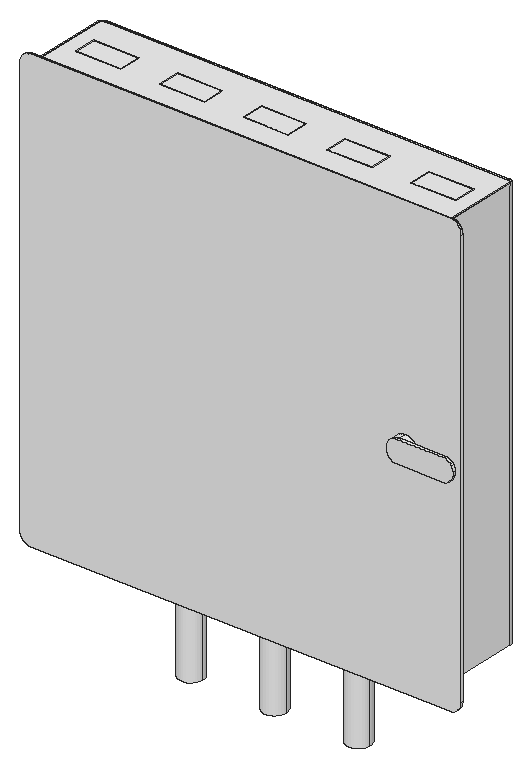
Revit family "Valve_Zip_Horne_TMV_Box_PipesOneEnd", category Specialty Equipment, Revit 2018
Family settings
  Round Connector Dimension = Use Diameter
  Part Type = Normal
  OmniClass Number = 23.65.55.14.24
  OmniClass Title = Mixing Valves for Liquid Services
  Work Plane-Based = No
  Always vertical = Yes
  Cut with Voids When Loaded = Yes
  Shared = No
  Room Calculation Point = No
Parameters (values of type "Hinged Door (42457)")
  Uniclass2015Version = ""
  Uniclass2015Title = ""
  Uniclass2015Code = ""
  URL = "https://www.zipwater.com/"
  Type Comments = "Hinged Door"
  RemoveableDoor = not(HingedDoor)  # no
  ModifiedIssue = 20210225
  Model = "Horne TMV  H1502 Brass in box Configuration - Hinged Door"
  Material = Metal_BrushedChrome_Zip
  MasterFormatTitle = ""
  MasterFormatNumber = ""
  ManufacturerURLProductSpecific = "https://www.zipwater.com/shop/washroom/box-and-key-locks-recessed-Hingedd-stainless-steel-cover-pipes"
  ManufacturerSpecCode = "42457"
  ManufacturerOverallWidth = 370 mm  # constant formula
  ManufacturerOverallHeight = 370 mm  # constant formula
  ManufacturerOverallDepth = 74 mm  # constant formula
  ManufacturerHeightFromFFL [instance] = 900 mm
  Manufacturer = "Zip Australia"
  IfcExportType = ""
  IfcExportAs = ""
  HingedDoor = yes
  Description = "Horne TMV Model H1502: Recessed pre-plumbed box configuration with lockable Hinged stainless steel door - pipes at one end"
  CreatedBy = "IGS BIM Solutions"  # constant formula
  CreatedByURL = "https://igsgroup.com.au"
Reference planes
  plane 1 "Back": y = 302
  plane 2 "Ref. Level": z = 0
  plane 3 "Center (Left/Right)": x = 0
  plane 4 "Right": x = 185
  plane 5 "Top": z = 1270
  plane 6 "Left": x = -185
  plane 7 "Bottom": z = 900
  plane 8 "Front": y = 228
  plane 9 "Center (Front/Back)": y = 265
  plane 10 "Center (Elevation)": z = 1085
  plane 11 "Left Offset": x = -75
  plane 12 "Right Offset": x = 75
Forms (mm)
  Extrusion 1, solid, material "Metal_BrushedChrome_Zip" <- "Material", detail levels fine
    sketch origin (0, 0, 1085) x (-1, 0, 0) y (0, 1, 0)
      loop
        line (-89.496, 250.504) -> (-69.694, 245.199) -> (-55.199, 259.694) -> (-60.504, 279.496) -> (-80.306, 284.801) -> (-94.801, 270.306) -> (-89.496, 250.504)
    from 64.5 to 80
  Extrusion 2, solid, material "Metal_BrushedChrome_Zip" <- "Material", detail levels fine
    sketch origin (0, 0, 1085) x (-1, 0, 0) y (0, 1, 0)
      loop
        line (-84.546, 255.454) -> (-71.506, 251.96) -> (-61.96, 261.506) -> (-65.454, 274.546) -> (-78.494, 278.04) -> (-88.04, 268.494) -> (-84.546, 255.454)
    from 52.3 to 63.3
  Extrusion 3, solid, material "Metal_BrushedChrome_Zip" <- "Material", detail levels fine
    sketch origin (0, 0, 1085) x (1, 0, 0) y (0, 1, 0)
      loop
        line (-89.496, 250.504) -> (-69.694, 245.199) -> (-55.199, 259.694) -> (-60.504, 279.496) -> (-80.306, 284.801) -> (-94.801, 270.306) -> (-89.496, 250.504)
    from 64.5 to 80
  Extrusion 4, solid, material "Metal_BrushedChrome_Zip" <- "Material", detail levels fine
    sketch origin (0, 0, 1085) x (1, 0, 0) y (0, 1, 0)
      loop
        line (-84.546, 255.454) -> (-71.506, 251.96) -> (-61.96, 261.506) -> (-65.454, 274.546) -> (-78.494, 278.04) -> (-88.04, 268.494) -> (-84.546, 255.454)
    from 52.3 to 63.3
  Extrusion 5, solid, material "Metal_BrushedChrome_Zip" <- "Material", detail levels fine
    sketch origin (75, 0, 1085) x (1, 0, 0) y (0, 1, 0)
      loop
        line (-89.496, 250.504) -> (-69.694, 245.199) -> (-55.199, 259.694) -> (-60.504, 279.496) -> (-80.306, 284.801) -> (-94.801, 270.306) -> (-89.496, 250.504)
    from 46.993 to 62.496
  Extrusion 6, solid, material "Metal_BrushedChrome_Zip" <- "Material", detail levels fine
    sketch origin (75, 0, 1085) x (1, 0, 0) y (0, 1, 0)
      loop
        line (-84.546, 255.454) -> (-71.506, 251.96) -> (-61.96, 261.506) -> (-65.454, 274.546) -> (-78.494, 278.04) -> (-88.04, 268.494) -> (-84.546, 255.454)
    from 41 to 46.993
  Extrusion 7, solid, material "Metal_BrushedChrome_Zip" <- "Material", detail levels fine
    sketch origin (75, 0, 1085) x (1, 0, 0) y (0, 1, 0)
      loop
        line (-62.272, 252.272) -> (-57.613, 269.659) -> (-70.341, 282.387) -> (-87.728, 277.728) -> (-92.387, 260.341) -> (-79.659, 247.613) -> (-62.272, 252.272)
    from 65.72 to 72.02
  Revolve 8, solid, material "Metal_BrushedChrome_Zip" <- "Material"
    sketch origin (0, 265, 0) x (0, 0, -1) y (-1, 0, 0)
      loop
        line (-1022.504, 0) -> (-1022.504, -14.566) -> (-1021.48, -13.542) -> (-1021.48, -12.2) -> (-1003.98, -12.2) -> (-1003.98, -10.5) -> (-798.5, -10.5) -> (-798.5, 0) -> (-1022.504, 0)
      axis (-798.5, 0) -> (-1022.504, 0)
    angle from 0 to 360
  Revolve 9, solid, material "Metal_BrushedChrome_Zip" <- "Material"
    sketch origin (0, 265, 0) x (0, 0, -1) y (-1, 0, 0)
      loop
        line (-798.5, -75) -> (-1005, -75) -> (-1005, -87.25) -> (-994, -87.25) -> (-994, -85.5) -> (-798.5, -85.5) -> (-798.5, -75)
      axis (-798.5, -75) -> (-1005, -75)
    angle from 0 to 360
  Revolve 10, solid, material "Metal_BrushedChrome_Zip" <- "Material"
    sketch origin (0, 265, 0) x (0, 0, -1) y (-1, 0, 0)
      loop
        line (-798.5, 75) -> (-1005, 75) -> (-1005, 62.75) -> (-994, 62.75) -> (-994, 64.5) -> (-798.5, 64.5) -> (-798.5, 75)
      axis (-798.5, 75) -> (-1005, 75)
    angle from 0 to 360
  Revolve 11, solid, material "Metal_BrushedChrome_Zip" <- "Material", detail levels fine
    sketch origin (0, 265, 0) x (0, 0, -1) y (-1, 0, 0)
      loop
        line (-980, 0) -> (-980, 53.5) -> (-986.003, 53.5) -> (-986.003, 44.5) -> (-989.003, 44.5) -> (-989.003, 14.5) -> (-986.503, 14.5) -> (-986.503, 11) -> (-988.003, 11) -> (-988.003, 10) -> (-986.503, 10) -> (-986.503, 0) -> (-980, 0)
      loop
        line (-982, 54.963) -> (-980, 54.963) -> (-980, 56.963) -> (-981.02, 56.963) -> (-982, 55.983) -> (-982, 54.963)
      axis (-980, 56.963) -> (-980, 0)
    angle from 0 to 360
  Extrusion 12, solid, material "Metal_BrushedChrome_Zip" <- "Material", detail levels fine
    sketch origin (0, 0, 1085) x (-1, 0, 0) y (0, -1, 0)
      loop
        line (54.963, -276.503) -> (54.963, -251.497)
        arc (54.963, -251.497) -> (54.231, -249.73) -> (52.463, -248.997) r 2.5
        line (52.463, -248.997) -> (47, -248.997)
        arc (47, -248.997) -> (45.232, -249.73) -> (44.5, -251.497) r 2.5
        line (44.5, -251.497) -> (44.5, -260.497) -> (46, -260.497) -> (46, -251.497)
        arc (46, -251.497) -> (46.293, -250.79) -> (47, -250.497) r 1
        line (47, -250.497) -> (52.5, -250.497)
        arc (52.5, -250.497) -> (53.207, -250.79) -> (53.5, -251.497) r 1
        line (53.5, -251.497) -> (53.5, -276.503)
        arc (53.5, -276.503) -> (54.232, -277.235) -> (54.963, -276.503) r 0.732
    from -107.5 to -102.5
  Extrusion 13, solid, material "Metal_BrushedChrome_Zip" <- "Material", detail levels fine
    sketch origin (0, 265, 0) x (0, 0, -1) y (-1, 0, 0)
      loop
        line (-900, 95) -> (-920.144, 95) -> (-920.144, 55) -> (-900, 55) -> (-900, 95)
      loop
        line (-900, 20) -> (-920.144, 20) -> (-920.144, -20) -> (-900, -20) -> (-900, 20)
      loop
        line (-900, -55) -> (-920.144, -55) -> (-920.144, -95) -> (-900, -95) -> (-900, -55)
    from 10 to 11.2
  Extrusion 14, solid, material "Metal_BrushedChrome_Zip" <- "Material", detail levels fine
    sketch origin (-41.47, 184.374, 900) x (-1, 0, 0) y (0, 1, 0)
      loop
        line (-126.97, 80.626) -> (-126.97, 85.626)
        arc (-126.97, 85.626) -> (-128.434, 89.161) -> (-131.97, 90.626) r 5
        line (-131.97, 90.626) -> (-136.47, 90.626) -> (-136.47, 89.626) -> (-131.97, 89.626)
        arc (-131.97, 89.626) -> (-129.141, 88.454) -> (-127.97, 85.626) r 4
        line (-127.97, 85.626) -> (-127.97, 80.626)
        arc (-127.97, 80.626) -> (-116.47, 69.126) -> (-104.97, 80.626) r 11.5
        line (-104.97, 80.626) -> (-104.97, 85.626)
        arc (-104.97, 85.626) -> (-103.798, 88.454) -> (-100.97, 89.626) r 4
        line (-100.97, 89.626) -> (-96.47, 89.626) -> (-96.47, 90.626) -> (-100.97, 90.626)
        arc (-100.97, 90.626) -> (-104.505, 89.161) -> (-105.97, 85.626) r 5
        line (-105.97, 85.626) -> (-105.97, 80.626)
        arc (-105.97, 80.626) -> (-116.47, 70.126) -> (-126.97, 80.626) r 10.5
      loop
        line (-51.97, 80.626) -> (-51.97, 85.626)
        arc (-51.97, 85.626) -> (-53.434, 89.161) -> (-56.97, 90.626) r 5
        line (-56.97, 90.626) -> (-61.47, 90.626) -> (-61.47, 89.626) -> (-56.97, 89.626)
        arc (-56.97, 89.626) -> (-54.141, 88.454) -> (-52.97, 85.626) r 4
        line (-52.97, 85.626) -> (-52.97, 80.626)
        arc (-52.97, 80.626) -> (-41.47, 69.126) -> (-29.97, 80.626) r 11.5
        line (-29.97, 80.626) -> (-29.97, 85.626)
        arc (-29.97, 85.626) -> (-28.798, 88.454) -> (-25.97, 89.626) r 4
        line (-25.97, 89.626) -> (-21.47, 89.626) -> (-21.47, 90.626) -> (-25.97, 90.626)
        arc (-25.97, 90.626) -> (-29.505, 89.161) -> (-30.97, 85.626) r 5
        line (-30.97, 85.626) -> (-30.97, 80.626)
        arc (-30.97, 80.626) -> (-41.47, 70.126) -> (-51.97, 80.626) r 10.5
      loop
        line (23.03, 80.626) -> (23.03, 85.626)
        arc (23.03, 85.626) -> (21.566, 89.161) -> (18.03, 90.626) r 5
        line (18.03, 90.626) -> (13.53, 90.626) -> (13.53, 89.626) -> (18.03, 89.626)
        arc (18.03, 89.626) -> (20.859, 88.454) -> (22.03, 85.626) r 4
        line (22.03, 85.626) -> (22.03, 80.626)
        arc (22.03, 80.626) -> (33.53, 69.126) -> (45.03, 80.626) r 11.5
        line (45.03, 80.626) -> (45.03, 85.626)
        arc (45.03, 85.626) -> (46.202, 88.454) -> (49.03, 89.626) r 4
        line (49.03, 89.626) -> (53.53, 89.626) -> (53.53, 90.626) -> (49.03, 90.626)
        arc (49.03, 90.626) -> (45.495, 89.161) -> (44.03, 85.626) r 5
        line (44.03, 85.626) -> (44.03, 80.626)
        arc (44.03, 80.626) -> (33.53, 70.126) -> (23.03, 80.626) r 10.5
    from -18.846 to 0
  Extrusion 15, void
    sketch origin (-41.47, 184.374, 900) x (-1, 0, 0) y (0, 1, 0)
      loop
        line (143.53, 117.626) -> (-226.47, 117.626) -> (-226.47, 43.626) -> (143.53, 43.626) -> (143.53, 117.626)
    from -370 to 0
Text (mm)
  text "Disclaimer:\nDue to ongoing product development and manufacturing evolution, product details are subject to change without notice. Please refer to product technical data sheets on the manufacturers website for the most current product information. Please allow a +/- 5mm manufacturing tolerance for dimensions and set-outs shown in product literature." at (260.267, 337.534, 0), in view "Ref. Level"
Dimensions and locks
  "ManufacturerHeightFromFFL": plane 7 "Bottom" to plane 2 "Ref. Level"
  equal spacing: plane 8 "Front", plane 9 "Center (Front/Back)", plane 1 "Back"
  "ManufacturerOverallDepth": plane 8 "Front" to plane 1 "Back"
  equal spacing: plane 6 "Left", plane 3 "Center (Left/Right)", plane 4 "Right"
  "ManufacturerOverallWidth": plane 6 "Left" to plane 4 "Right"
  "ManufacturerOverallHeight": plane 7 "Bottom" to plane 5 "Top"
  equal spacing: plane 5 "Top", plane 10 "Center (Elevation)", plane 7 "Bottom"
  plane 12 "Right Offset" to plane 3 "Center (Left/Right)" to plane 11 "Left Offset" = 75 mm locked, 75 mm locked
  aligned and locked: level to plane 2 "Ref. Level"
  aligned and locked: plane 3 "Center (Left/Right)" to nested 1
  aligned and locked: plane 9 "Center (Front/Back)" to nested 1
  aligned and locked: nested 1 to plane 5 "Top"
  aligned and locked: plane 3 "Center (Left/Right)" to nested 2
  aligned and locked: plane 9 "Center (Front/Back)" to nested 2
  aligned and locked: plane 10 "Center (Elevation)" to nested 2
  aligned and locked: plane 6 "Left" to Extrusion 15 sketch curve
  aligned and locked: plane 1 "Back" to Extrusion 15 sketch curve
  aligned and locked: Extrusion 15 sketch curve to plane 4 "Right"
  aligned and locked: plane 8 "Front" to Extrusion 15 sketch curve
  aligned and locked: plane 7 "Bottom" to Extrusion 15
  aligned and locked: Extrusion 15 to plane 5 "Top"
Automatic sketch dimensions
  plane 9 "Center (Front/Back)" to Extrusion 1 sketch curve = 5.306 mm
  plane 12 "Right Offset" to Extrusion 1 sketch curve = 19.801 mm
  plane 12 "Right Offset" to Extrusion 1 sketch curve = 14.496 mm
  plane 12 "Right Offset" to Extrusion 1 sketch curve = 5.306 mm
  Extrusion 1 sketch curve to plane 12 "Right Offset" = 5.306 mm
  Extrusion 1 sketch curve to plane 12 "Right Offset" = 14.496 mm
  Extrusion 1 sketch curve to plane 9 "Center (Front/Back)" = 5.306 mm
  Extrusion 1 sketch curve to plane 12 "Right Offset" = 19.801 mm
  plane 9 "Center (Front/Back)" to Extrusion 1 sketch curve = 14.496 mm
  plane 1 "Back" to Extrusion 1 sketch curve = 17.199 mm
  Extrusion 1 sketch curve to plane 9 "Center (Front/Back)" = 14.496 mm
  plane 8 "Front" to Extrusion 1 sketch curve = 17.199 mm
  Extrusion 2 sketch curve to plane 12 "Right Offset" = 3.494 mm
  Extrusion 2 sketch curve to plane 9 "Center (Front/Back)" = 3.494 mm
  Extrusion 3 sketch curve to plane 9 "Center (Front/Back)" = 5.306 mm
  plane 11 "Left Offset" to Extrusion 3 sketch curve = 19.801 mm
  plane 11 "Left Offset" to Extrusion 3 sketch curve = 14.496 mm
  plane 11 "Left Offset" to Extrusion 3 sketch curve = 5.306 mm
  Extrusion 3 sketch curve to plane 11 "Left Offset" = 5.306 mm
  Extrusion 3 sketch curve to plane 11 "Left Offset" = 14.496 mm
  plane 9 "Center (Front/Back)" to Extrusion 3 sketch curve = 5.306 mm
  Extrusion 3 sketch curve to plane 11 "Left Offset" = 19.801 mm
  Extrusion 3 sketch curve to plane 9 "Center (Front/Back)" = 14.496 mm
  Extrusion 3 sketch curve to plane 1 "Back" = 17.199 mm
  plane 9 "Center (Front/Back)" to Extrusion 3 sketch curve = 14.496 mm
  Extrusion 3 sketch curve to plane 8 "Front" = 17.199 mm
  Extrusion 4 sketch curve to plane 11 "Left Offset" = 3.494 mm
  plane 9 "Center (Front/Back)" to Extrusion 4 sketch curve = 3.494 mm
  Extrusion 5 sketch curve to plane 9 "Center (Front/Back)" = 5.306 mm
  plane 3 "Center (Left/Right)" to Extrusion 5 sketch curve = 19.801 mm
  plane 3 "Center (Left/Right)" to Extrusion 5 sketch curve = 14.496 mm
  plane 3 "Center (Left/Right)" to Extrusion 5 sketch curve = 5.306 mm
  Extrusion 5 sketch curve to plane 3 "Center (Left/Right)" = 5.306 mm
  Extrusion 5 sketch curve to plane 3 "Center (Left/Right)" = 14.496 mm
  plane 9 "Center (Front/Back)" to Extrusion 5 sketch curve = 5.306 mm
  Extrusion 5 sketch curve to plane 3 "Center (Left/Right)" = 19.801 mm
  Extrusion 5 sketch curve to plane 9 "Center (Front/Back)" = 14.496 mm
  Extrusion 5 sketch curve to plane 1 "Back" = 17.199 mm
  plane 9 "Center (Front/Back)" to Extrusion 5 sketch curve = 14.496 mm
  Extrusion 5 sketch curve to plane 8 "Front" = 17.199 mm
  Extrusion 6 sketch curve to plane 3 "Center (Left/Right)" = 3.494 mm
  plane 9 "Center (Front/Back)" to Extrusion 6 sketch curve = 3.494 mm
  Revolve 8 sketch curve to plane 3 "Center (Left/Right)" = 0 mm  (x2)
  plane 10 "Center (Elevation)" to Revolve 8 sketch curve = 62.496 mm
  plane 3 "Center (Left/Right)" to Revolve 8 sketch curve = 13.542 mm
  Revolve 8 sketch curve to Revolve 8 sketch curve = 1.024 mm  (x2)
  Revolve 8 sketch curve to Revolve 8 sketch curve = 17.5 mm
  plane 3 "Center (Left/Right)" to Revolve 8 sketch curve = 10.5 mm
  plane 7 "Bottom" to Revolve 8 sketch curve = 101.5 mm
  Revolve 8 sketch curve to Revolve 8 sketch curve = 1.342 mm
  Revolve 8 sketch curve to Revolve 8 sketch curve = 0 mm
  Revolve 8 sketch curve to Revolve 8 sketch curve = 2.412 mm
  plane 12 "Right Offset" to Revolve 9 sketch curve = 12.25 mm
  plane 10 "Center (Elevation)" to Revolve 9 sketch curve = 80 mm
  Revolve 9 sketch curve to Revolve 9 sketch curve = 11 mm
  Revolve 9 sketch curve to plane 12 "Right Offset" = 0 mm  (x2)
  plane 7 "Bottom" to Revolve 9 sketch curve = 101.5 mm
  plane 12 "Right Offset" to Revolve 9 sketch curve = 10.5 mm
  Revolve 9 sketch curve to Revolve 9 sketch curve = 3.198 mm
  Revolve 9 sketch curve to Revolve 9 sketch curve = 0 mm
  Revolve 10 sketch curve to plane 11 "Left Offset" = 0 mm  (x2)
  plane 10 "Center (Elevation)" to Revolve 10 sketch curve = 80 mm
  Revolve 10 sketch curve to Revolve 10 sketch curve = 11 mm
  plane 7 "Bottom" to Revolve 10 sketch curve = 101.5 mm
  plane 11 "Left Offset" to Revolve 10 sketch curve = 10.5 mm
  Revolve 10 sketch curve to Revolve 10 sketch curve = 1.75 mm
  Revolve 10 sketch curve to Revolve 10 sketch curve = 0 mm
  Revolve 10 sketch curve to Revolve 10 sketch curve = 5 mm
  Revolve 11 sketch curve to plane 3 "Center (Left/Right)" = 0 mm  (x2)
  plane 11 "Left Offset" to Revolve 11 sketch curve = 30.5 mm
  Revolve 11 sketch curve to plane 7 "Bottom" = 89.003 mm
  Revolve 11 sketch curve to Revolve 11 sketch curve = 1 mm  (x2)
  Revolve 11 sketch curve to Revolve 11 sketch curve = 1.5 mm
  Revolve 11 sketch curve to Revolve 11 sketch curve = 0 mm  (x3)
  Revolve 11 sketch curve to Revolve 11 sketch curve = 3 mm
  Revolve 11 sketch curve to Revolve 11 sketch curve = 4.003 mm
  Revolve 11 sketch curve to Revolve 11 sketch curve = 0.98 mm  (x2)
  Revolve 11 sketch curve to Revolve 11 sketch curve = 2 mm
  Revolve 11 sketch curve to plane 3 "Center (Left/Right)" = 10 mm
  Revolve 11 sketch curve to Revolve 11 sketch curve = 3.5 mm
  Revolve 11 sketch curve to Revolve 11 sketch curve = 9 mm
  Revolve 11 sketch curve to Revolve 11 sketch curve = 1.463 mm
  Revolve 11 sketch curve to Revolve 11 sketch curve = 1.02 mm
  plane 3 "Center (Left/Right)" to Revolve 11 sketch curve = 4.198 mm
  Extrusion 12 sketch curve to Extrusion 12 sketch curve = 0 mm  (x2)
  Extrusion 12 sketch curve to plane 9 "Center (Front/Back)" = 13.503 mm
  plane 11 "Left Offset" to Extrusion 12 sketch curve = 30.5 mm
  Extrusion 12 sketch curve to Extrusion 12 sketch curve = 1.5 mm
  Extrusion 12 sketch curve to Extrusion 12 sketch curve = 1 mm  (x2)
  Extrusion 12 sketch curve to Extrusion 12 sketch curve = 5.463 mm
  Extrusion 12 sketch curve to Extrusion 12 sketch curve = 0.037 mm
  Extrusion 12 sketch curve to Extrusion 12 sketch curve = 0.732 mm
  Extrusion 12 sketch curve to plane 9 "Center (Front/Back)" = 4.503 mm
  plane 9 "Center (Front/Back)" to Extrusion 12 sketch curve = 11.503 mm
  Extrusion 13 sketch curve to plane 7 "Bottom" = 0 mm  (x3)
  Extrusion 13 sketch curve to plane 7 "Bottom" = 20.144 mm  (x3)
  plane 12 "Right Offset" to Extrusion 13 sketch curve = 20 mm
  Extrusion 13 sketch curve to plane 12 "Right Offset" = 20 mm
  plane 3 "Center (Left/Right)" to Extrusion 13 sketch curve = 20 mm
  Extrusion 13 sketch curve to plane 3 "Center (Left/Right)" = 20 mm
  plane 11 "Left Offset" to Extrusion 13 sketch curve = 20 mm
  Extrusion 13 sketch curve to plane 11 "Left Offset" = 20 mm
  Extrusion 14 sketch curve to Extrusion 14 sketch curve = 0 mm  (x18)
  Extrusion 14 sketch curve to plane 9 "Center (Front/Back)" = 0 mm  (x3)
  plane 9 "Center (Front/Back)" to Extrusion 14 sketch curve = 10 mm  (x5)
  plane 12 "Right Offset" to Extrusion 14 sketch curve = 20 mm
  Extrusion 14 sketch curve to Extrusion 14 sketch curve = 4.5 mm  (x6)
  Extrusion 14 sketch curve to Extrusion 14 sketch curve = 4 mm  (x6)
  Extrusion 14 sketch curve to Extrusion 14 sketch curve = 1 mm  (x3)
  Extrusion 14 sketch curve to plane 12 "Right Offset" = 0 mm
  plane 3 "Center (Left/Right)" to Extrusion 14 sketch curve = 20 mm
  Extrusion 14 sketch curve to plane 3 "Center (Left/Right)" = 0 mm
  plane 9 "Center (Front/Back)" to Extrusion 14 sketch curve = 9 mm
  plane 11 "Left Offset" to Extrusion 14 sketch curve = 20 mm
  Extrusion 14 sketch curve to plane 11 "Left Offset" = 0 mm
  plane 9 "Center (Front/Back)" to Extrusion 4 sketch curve = 9.546 mm
  Extrusion 4 sketch curve to plane 9 "Center (Front/Back)" = 3.494 mm
  plane 11 "Left Offset" to Extrusion 4 sketch curve = 13.04 mm
  plane 11 "Left Offset" to Extrusion 4 sketch curve = 3.494 mm
  Extrusion 4 sketch curve to plane 9 "Center (Front/Back)" = 9.546 mm
  Extrusion 4 sketch curve to plane 9 "Center (Front/Back)" = 13.04 mm
  plane 11 "Left Offset" to Extrusion 4 sketch curve = 9.546 mm
  Extrusion 4 sketch curve to plane 11 "Left Offset" = 9.546 mm
  Extrusion 4 sketch curve to plane 11 "Left Offset" = 13.04 mm
  plane 9 "Center (Front/Back)" to Extrusion 4 sketch curve = 13.04 mm
  plane 3 "Center (Left/Right)" to Extrusion 6 sketch curve = 3.494 mm
  plane 3 "Center (Left/Right)" to Extrusion 6 sketch curve = 9.546 mm
  Extrusion 6 sketch curve to plane 3 "Center (Left/Right)" = 9.546 mm
  plane 9 "Center (Front/Back)" to Extrusion 6 sketch curve = 13.04 mm
  Extrusion 6 sketch curve to plane 9 "Center (Front/Back)" = 3.494 mm
  Extrusion 6 sketch curve to plane 3 "Center (Left/Right)" = 13.04 mm
  Extrusion 6 sketch curve to plane 9 "Center (Front/Back)" = 9.546 mm
  Extrusion 6 sketch curve to plane 9 "Center (Front/Back)" = 13.04 mm
  plane 3 "Center (Left/Right)" to Extrusion 6 sketch curve = 13.04 mm
  plane 9 "Center (Front/Back)" to Extrusion 6 sketch curve = 9.546 mm
  plane 12 "Right Offset" to Extrusion 2 sketch curve = 3.494 mm
  Extrusion 2 sketch curve to plane 9 "Center (Front/Back)" = 9.546 mm
  plane 9 "Center (Front/Back)" to Extrusion 2 sketch curve = 3.494 mm
  plane 12 "Right Offset" to Extrusion 2 sketch curve = 13.04 mm
  plane 9 "Center (Front/Back)" to Extrusion 2 sketch curve = 9.546 mm
  plane 9 "Center (Front/Back)" to Extrusion 2 sketch curve = 13.04 mm
  plane 12 "Right Offset" to Extrusion 2 sketch curve = 9.546 mm
  Extrusion 2 sketch curve to plane 12 "Right Offset" = 9.546 mm
  Extrusion 2 sketch curve to plane 12 "Right Offset" = 13.04 mm
  Extrusion 2 sketch curve to plane 9 "Center (Front/Back)" = 13.04 mm
Nested families
  nested 1: "z_Valve_Zip_TMV_Box" at (0, 0, -21), type "Type 1"
    with TopOpening5 yes, TopOpening4 yes, TopOpening3 yes, TopOpening2 yes, TopOpening1 yes, ManufacturerHeightFromFFL 900 mm, BottomOpening5 yes, BottomOpening4 no, BottomOpening3 no, BottomOpening2 no, BottomOpening1 yes
  nested 2: "Valve_Zip_Horne_TMV" at (0, -14.5, 119.5), type "Brass (42150)", detail levels medium+fine
    with ManufacturerHeightFromFFL 900 mm
Connectors
  piping at (-75, 265, 798.5), diameter 21
    settings: on Revolve 10, index 1, connector inside diameter 609.6 mm, connector length 0 mm, flow factor 0, pipe flow 0.0 L/s, pressure drop 0.0 Pa, fitting loss kfactor 0, connector angle 0.00°, fixture units 0, engagement length 0 mm, angle of deflection 0.00°, flow configuration 1, flow direction 1, fitting loss method 4, system type 20, joint type 0, gender type 0, connector reference index -1, connector utility 0, adjustable connector no, is connector primary yes, connector description "Cold Water Inlet"
  piping at (0, 265, 798.5), diameter 21
    settings: on Revolve 8, index 2, connector inside diameter 609.6 mm, connector length 0 mm, flow factor 0, pipe flow 0.0 L/s, pressure drop 0.0 Pa, fitting loss kfactor 0, connector angle 0.00°, fixture units 0, engagement length 0 mm, angle of deflection 0.00°, flow configuration 1, flow direction 2, fitting loss method 4, system type 19, joint type 0, gender type 0, connector reference index -1, connector utility 0, adjustable connector no, is connector primary no, connector description "Mixed Outlet"
  piping at (75, 265, 798.5), diameter 21
    settings: on Revolve 9, index 3, connector inside diameter 609.6 mm, connector length 0 mm, flow factor 0, pipe flow 0.0 L/s, pressure drop 0.0 Pa, fitting loss kfactor 0, connector angle 0.00°, fixture units 0, engagement length 0 mm, angle of deflection 0.00°, flow configuration 1, flow direction 1, fitting loss method 4, system type 19, joint type 0, gender type 0, connector reference index -1, connector utility 0, adjustable connector no, is connector primary no, connector description "Hot Water Inlet"
Definition of nested family "z_Valve_Zip_TMV_Box"
  Parameters (values of type "Type 1")
    URL = "https://www.zipwater.com/"
    Type Comments = ""
    TopOpening5 [instance] = yes
    TopOpening4 [instance] = no
    TopOpening3 [instance] = yes
    TopOpening2 [instance] = no
    TopOpening1 [instance] = yes
    ModifiedIssue = 20210223
    Model = ""
    Material = none
    ManufacturerURLProductSpecific = ""
    ManufacturerOverallWidth = 395 mm
    ManufacturerOverallHeight = ManufacturerOverallWidth  # 395 mm
    ManufacturerOverallDepth = 74 mm  # constant formula
    ManufacturerHeightFromFFL [instance] = 900 mm
    Manufacturer = "Zip Australia"
    Description = ""
    CreatedBy = "IGS BIM Solutions"  # constant formula
    CreatedByURL = "https://igsgroup.com.au"
    BottomOpening5 [instance] = no
    BottomOpening4 [instance] = yes
    BottomOpening3 [instance] = no
    BottomOpening2 [instance] = yes
    BottomOpening1 [instance] = yes
    RemoveableDoor = no
    HingedDoor = yes
  Reference planes
    plane 1 "Back": y = 302
    plane 2 "Ref. Level": z = 0
    plane 3 "Center (Left/Right)": x = 0
    plane 4 "Right": x = 197.5
    plane 5 "Top": z = 1295
    plane 6 "Left": x = -197.5
    plane 7 "Bottom": z = 900
    plane 8 "Front": y = 228
    plane 9 "Center (Front/Back)": y = 265
    plane 10 "Back Offset": y = 275
    plane 11 "Front Offset": y = 255
    plane 12 "Left Offset1": x = -170
    plane 13 "Left Offset2": x = -130
    plane 14 "Left Offset3": x = -95
    plane 15 "Left Offset4": x = -55
    plane 16 "Left Offset5": x = -20
    plane 17 "Right Offset5": x = 20
    plane 18 "Right Offset4": x = 55
    plane 19 "Right Offset3": x = 95
    plane 20 "Right Offset2": x = 130
    plane 21 "Right Offset1": x = 170
  Forms (mm)
    Extrusion 1, solid, material <- "Material", visible <- "RemoveableDoor"
      sketch origin (0, 228, 0) x (0, 0, -1) y (-1, 0, 0)
        loop
          line (-1295, 187.5) -> (-1295, -187.5)
          arc (-1295, -187.5) -> (-1292.071, -194.571) -> (-1285, -197.5) r 10
          line (-1285, -197.5) -> (-910, -197.5)
          arc (-910, -197.5) -> (-902.929, -194.571) -> (-900, -187.5) r 10
          line (-900, -187.5) -> (-900, 187.5)
          arc (-900, 187.5) -> (-902.929, 194.571) -> (-910, 197.5) r 10
          line (-910, 197.5) -> (-1285, 197.5)
          arc (-1285, 197.5) -> (-1292.071, 194.571) -> (-1295, 187.5) r 10
      from -1.2 to 0
    Extrusion 2, solid, material <- "Material"
      sketch origin (-41.47, 184.374, 900) x (-1, 0, 0) y (0, 1, 0)
        loop
          arc (142.33, 112.926) -> (141.305, 115.4) -> (138.83, 116.426) r 3.5
          line (138.83, 116.426) -> (-221.77, 116.426)
          arc (-221.77, 116.426) -> (-224.244, 115.4) -> (-225.27, 112.926) r 3.5
          line (-225.27, 112.926) -> (-225.27, 43.626) -> (142.33, 43.626) -> (142.33, 112.926)
      from -22.2 to -21
    Extrusion 3, solid, material <- "Material"
      sketch origin (0, 0, 1295) x (-1, 0, 0) y (0, 1, 0)
        loop
          arc (183.8, 297.3) -> (182.775, 299.775) -> (180.3, 300.8) r 3.5
          line (180.3, 300.8) -> (-180.3, 300.8)
          arc (-180.3, 300.8) -> (-182.775, 299.775) -> (-183.8, 297.3) r 3.5
          line (-183.8, 297.3) -> (-183.8, 228) -> (183.8, 228) -> (183.8, 297.3)
      from 4 to 5.2
    Extrusion 4, solid, material <- "Material"
      sketch origin (-41.47, 184.374, 900) x (-1, 0, 0) y (0, 1, 0)
        loop
          arc (143.53, 112.626) -> (142.066, 116.161) -> (138.53, 117.626) r 5
          line (138.53, 117.626) -> (-221.47, 117.626)
          arc (-221.47, 117.626) -> (-225.005, 116.161) -> (-226.47, 112.626) r 5
          line (-226.47, 112.626) -> (-226.47, 43.626) -> (-225.27, 43.626) -> (-225.27, 112.926)
          arc (-225.27, 112.926) -> (-224.244, 115.4) -> (-221.77, 116.426) r 3.5
          line (-221.77, 116.426) -> (138.83, 116.426)
          arc (138.83, 116.426) -> (141.305, 115.4) -> (142.33, 112.926) r 3.5
          line (142.33, 112.926) -> (142.33, 43.626) -> (143.53, 43.626) -> (143.53, 112.626)
      from -391 to -21
    Extrusion 5, solid, material <- "Material", visible <- "HingedDoor"
      sketch origin (0, 228, 0) x (0, 0, -1) y (-1, 0, 0)
        loop
          line (-1295, 187.5) -> (-1295, -187.5)
          arc (-1295, -187.5) -> (-1292.071, -194.571) -> (-1285, -197.5) r 10
          line (-1285, -197.5) -> (-910, -197.5)
          arc (-910, -197.5) -> (-902.929, -194.571) -> (-900, -187.5) r 10
          line (-900, -187.5) -> (-900, 187.5)
          arc (-900, 187.5) -> (-902.929, 194.571) -> (-910, 197.5) r 10
          line (-910, 197.5) -> (-1285, 197.5)
          arc (-1285, 197.5) -> (-1292.071, 194.571) -> (-1295, 187.5) r 10
      from -1.2 to 0
    Extrusion 6, solid, material <- "Material", visible <- "HingedDoor", detail levels fine
      sketch origin (0, 228, 0) x (0, 0, -1) y (-1, 0, 0)
        loop
          circle (-1097.5, -147.523) r 10
      from -1.2 to -8
    Extrusion 7, solid, material <- "Material", visible <- "HingedDoor", detail levels fine
      sketch origin (0, 228, 0) x (0, 0, -1) y (-1, 0, 0)
        loop
          arc (-1087.5, -147.523) -> (-1097.5, -137.523) -> (-1107.5, -147.523) r 10
          line (-1107.5, -147.523) -> (-1107.5, -187.5)
          arc (-1107.5, -187.5) -> (-1097.5, -197.5) -> (-1087.5, -187.5) r 10
          line (-1087.5, -187.5) -> (-1087.5, -147.523)
      from -10 to -8
    Extrusion 8, void
      sketch origin (-41.47, 184.374, 900) x (0, 1, 0) y (-1, 0, 0)
        loop
          line (90.626, 128.53) -> (70.626, 128.53) -> (70.626, 88.53) -> (90.626, 88.53) -> (90.626, 128.53)
        loop
          line (90.626, 53.53) -> (70.626, 53.53) -> (70.626, 13.53) -> (90.626, 13.53) -> (90.626, 53.53)
        loop
          line (90.626, -21.47) -> (70.626, -21.47) -> (70.626, -61.47) -> (90.626, -61.47) -> (90.626, -21.47)
        loop
          line (90.626, -96.47) -> (70.626, -96.47) -> (70.626, -136.47) -> (90.626, -136.47) -> (90.626, -96.47)
        loop
          line (90.626, -171.47) -> (70.626, -171.47) -> (70.626, -211.47) -> (90.626, -211.47) -> (90.626, -171.47)
      from 0 to 395
    Extrusion 9, solid, material <- "Material", visible <- "TopOpening1"
      sketch origin (0, 0, 1295) x (-1, 0, 0) y (0, 1, 0)
        loop
          line (170, 275) -> (130, 275) -> (130, 255) -> (170, 255) -> (170, 275)
      from 4 to 5
    Extrusion 10, solid, material <- "Material", visible <- "TopOpening2"
      sketch origin (0, 0, 1295) x (-1, 0, 0) y (0, 1, 0)
        loop
          line (95, 275) -> (55, 275) -> (55, 255) -> (95, 255) -> (95, 275)
      from 4 to 5
    Extrusion 11, solid, material <- "Material", visible <- "TopOpening3"
      sketch origin (0, 0, 1295) x (-1, 0, 0) y (0, -1, 0)
        loop
          line (20, -275) -> (20, -255) -> (-20, -255) -> (-20, -275) -> (20, -275)
      from -5 to -4
    Extrusion 12, solid, material <- "Material", visible <- "TopOpening4"
      sketch origin (0, 0, 1295) x (-1, 0, 0) y (0, -1, 0)
        loop
          line (-55, -275) -> (-55, -255) -> (-95, -255) -> (-95, -275) -> (-55, -275)
      from -4 to -5
    Extrusion 13, solid, material <- "Material", visible <- "TopOpening5"
      sketch origin (0, 0, 1295) x (-1, 0, 0) y (0, -1, 0)
        loop
          line (-130, -275) -> (-130, -255) -> (-170, -255) -> (-170, -275) -> (-130, -275)
      from -4 to -5
    Extrusion 14, solid, material <- "Material", visible <- "BottomOpening1"
      sketch origin (-41.47, 184.374, 900) x (-1, 0, 0) y (0, 1, 0)
        loop
          line (128.53, 90.626) -> (88.53, 90.626) -> (88.53, 70.626) -> (128.53, 70.626) -> (128.53, 90.626)
      from -22 to -21
    Extrusion 15, solid, material <- "Material", visible <- "BottomOpening2"
      sketch origin (-41.47, 184.374, 900) x (-1, 0, 0) y (0, 1, 0)
        loop
          line (53.53, 90.626) -> (13.53, 90.626) -> (13.53, 70.626) -> (53.53, 70.626) -> (53.53, 90.626)
      from -22 to -21
    Extrusion 16, solid, material <- "Material", visible <- "BottomOpening3"
      sketch origin (-41.47, 184.374, 900) x (-1, 0, 0) y (0, 1, 0)
        loop
          line (-21.47, 90.626) -> (-61.47, 90.626) -> (-61.47, 70.626) -> (-21.47, 70.626) -> (-21.47, 90.626)
      from -22 to -21
    Extrusion 17, solid, material <- "Material", visible <- "BottomOpening4"
      sketch origin (-41.47, 184.374, 900) x (-1, 0, 0) y (0, 1, 0)
        loop
          line (-96.47, 90.626) -> (-136.47, 90.626) -> (-136.47, 70.626) -> (-96.47, 70.626) -> (-96.47, 90.626)
      from -22 to -21
    Extrusion 18, solid, material <- "Material", visible <- "BottomOpening5"
      sketch origin (-41.47, 184.374, 900) x (-1, 0, 0) y (0, 1, 0)
        loop
          line (-171.47, 90.626) -> (-211.47, 90.626) -> (-211.47, 70.626) -> (-171.47, 70.626) -> (-171.47, 90.626)
      from -22 to -21
    Extrusion 19, solid, material <- "Material", visible <- "RemoveableDoor", detail levels fine
      sketch origin (0, 228, 0) x (0, 0, -1) y (-1, 0, 0)
        loop
          circle (-1249.678, 0) r 10
      from -2.2 to -1.2
  Cuts and joins
    Extrusion 8 cuts Extrusion 3
    Extrusion 8 cuts Extrusion 2
  Text (mm)
    text "Disclaimer:\nDue to ongoing product development and manufacturing evolution, product details are subject to change without notice. Please refer to product technical data sheets on the manufacturers website for the most current product information. Please allow a +/- 5mm manufacturing tolerance for dimensions and set-outs shown in product literature." at (260.056, 336.998, 0), in view "Ref. Level"
  Dimensions and locks
    "ManufacturerOverallHeight": plane 5 "Top" to plane 7 "Bottom"
    "ManufacturerHeightFromFFL": plane 7 "Bottom" to plane 2 "Ref. Level"
    equal spacing: plane 8 "Front", plane 9 "Center (Front/Back)", plane 1 "Back"
    "ManufacturerOverallDepth": plane 8 "Front" to plane 1 "Back"
    equal spacing: plane 6 "Left", plane 3 "Center (Left/Right)", plane 4 "Right"
    "ManufacturerOverallWidth": plane 6 "Left" to plane 4 "Right"
    plane 12 "Left Offset1" to plane 13 "Left Offset2" to plane 14 "Left Offset3" to plane 15 "Left Offset4" to plane 16 "Left Offset5" = 40 mm locked, 35 mm locked, 40 mm locked, 35 mm locked
    plane 17 "Right Offset5" to plane 18 "Right Offset4" to plane 19 "Right Offset3" to plane 20 "Right Offset2" to plane 21 "Right Offset1" = 35 mm locked, 40 mm locked, 35 mm locked, 40 mm locked
    locked: plane 10 "Back Offset" to plane 1 "Back" at 27
    locked: plane 11 "Front Offset" to plane 8 "Front" at 27
    plane 16 "Left Offset5" to plane 3 "Center (Left/Right)" to plane 17 "Right Offset5" = 20 mm locked, 20 mm locked
    aligned and locked: level to plane 2 "Ref. Level"
    aligned and locked: Extrusion 1 sketch curve to plane 5 "Top"
    aligned and locked: Extrusion 1 sketch curve to plane 6 "Left"
    aligned and locked: plane 7 "Bottom" to Extrusion 1 sketch curve
    aligned and locked: Extrusion 1 sketch curve to plane 4 "Right"
    aligned and locked: plane 8 "Front" to Extrusion 1
    aligned and locked: plane 8 "Front" to Extrusion 2 sketch curve
    aligned and locked: Extrusion 4 to Extrusion 2
    aligned and locked: Extrusion 4 to Extrusion 3
    aligned and locked: Extrusion 5 sketch curve to plane 7 "Bottom"
    aligned and locked: plane 6 "Left" to Extrusion 5 sketch curve
    aligned and locked: plane 5 "Top" to Extrusion 5 sketch curve
    aligned and locked: plane 4 "Right" to Extrusion 5 sketch curve
    aligned and locked: Extrusion 6 to Extrusion 1
    aligned and locked: Extrusion 6 to Extrusion 7
    aligned and locked: plane 10 "Back Offset" to Extrusion 8 sketch curve  (x5)
    aligned and locked: plane 12 "Left Offset1" to Extrusion 8 sketch curve
    aligned and locked: plane 11 "Front Offset" to Extrusion 8 sketch curve  (x5)
    aligned and locked: Extrusion 8 sketch curve to plane 13 "Left Offset2"
    aligned and locked: plane 14 "Left Offset3" to Extrusion 8 sketch curve
    aligned and locked: Extrusion 8 sketch curve to plane 15 "Left Offset4"
    aligned and locked: plane 16 "Left Offset5" to Extrusion 8 sketch curve
    aligned and locked: Extrusion 8 sketch curve to plane 17 "Right Offset5"
    aligned and locked: plane 18 "Right Offset4" to Extrusion 8 sketch curve
    aligned and locked: Extrusion 8 sketch curve to plane 19 "Right Offset3"
    aligned and locked: plane 20 "Right Offset2" to Extrusion 8 sketch curve
    aligned and locked: Extrusion 8 sketch curve to plane 21 "Right Offset1"
    aligned and locked: Extrusion 9 sketch curve to cut or joined group of Extrusion 3, Extrusion 8  (x4)
    aligned and locked: Extrusion 10 sketch curve to cut or joined group of Extrusion 3, Extrusion 8  (x4)
    aligned and locked: Extrusion 11 sketch curve to cut or joined group of Extrusion 3, Extrusion 8  (x4)
    aligned and locked: Extrusion 12 sketch curve to cut or joined group of Extrusion 3, Extrusion 8  (x4)
    aligned and locked: Extrusion 13 sketch curve to cut or joined group of Extrusion 3, Extrusion 8  (x4)
    aligned and locked: Extrusion 14 sketch curve to cut or joined group of Extrusion 3, Extrusion 8  (x4)
    aligned and locked: Extrusion 15 sketch curve to cut or joined group of Extrusion 3, Extrusion 8  (x4)
    aligned and locked: Extrusion 16 sketch curve to cut or joined group of Extrusion 3, Extrusion 8  (x4)
    aligned and locked: Extrusion 17 sketch curve to cut or joined group of Extrusion 3, Extrusion 8  (x4)
    aligned and locked: Extrusion 18 sketch curve to cut or joined group of Extrusion 3, Extrusion 8  (x4)
  Automatic sketch dimensions
    Extrusion 2 sketch curve to Extrusion 2 sketch curve = 3.5 mm  (x2)
    plane 1 "Back" to Extrusion 2 sketch curve = 4.7 mm
    Extrusion 3 sketch curve to plane 8 "Front" = 0 mm
    plane 4 "Right" to Extrusion 3 sketch curve = 13.7 mm
    Extrusion 3 sketch curve to Extrusion 3 sketch curve = 3.5 mm
    plane 1 "Back" to Extrusion 3 sketch curve = 4.7 mm
    plane 6 "Left" to Extrusion 3 sketch curve = 17.2 mm
    plane 6 "Left" to Extrusion 3 sketch curve = 13.7 mm
    plane 4 "Right" to Extrusion 2 sketch curve = 13.7 mm
    plane 6 "Left" to Extrusion 2 sketch curve = 17.2 mm
    Extrusion 4 sketch curve to plane 8 "Front" = 0 mm  (x2)
    plane 1 "Back" to Extrusion 4 sketch curve = 0 mm
    plane 4 "Right" to Extrusion 4 sketch curve = 12.5 mm
    Extrusion 4 sketch curve to Extrusion 4 sketch curve = 1.2 mm  (x2)
    plane 1 "Back" to Extrusion 4 sketch curve = 1.2 mm
    Extrusion 4 sketch curve to Extrusion 4 sketch curve = 3.5 mm
    Extrusion 4 sketch curve to Extrusion 4 sketch curve = 0.3 mm  (x2)
    plane 6 "Left" to Extrusion 4 sketch curve = 17.5 mm
    plane 6 "Left" to Extrusion 4 sketch curve = 13.7 mm
    plane 5 "Top" to Extrusion 1 sketch curve = 10 mm  (x2)
    plane 4 "Right" to Extrusion 1 sketch curve = 10 mm
    Extrusion 1 sketch curve to plane 7 "Bottom" = 10 mm
    plane 5 "Top" to Extrusion 5 sketch curve = 10 mm
    Extrusion 5 sketch curve to Extrusion 5 sketch curve = 10 mm
    plane 4 "Right" to Extrusion 5 sketch curve = 10 mm
    plane 6 "Left" to Extrusion 5 sketch curve = 10 mm
    plane 4 "Right" to Extrusion 6 sketch curve = 49.977 mm
    plane 5 "Top" to Extrusion 6 sketch curve = 197.5 mm
    plane 4 "Right" to Extrusion 7 sketch curve = 49.977 mm
    plane 5 "Top" to Extrusion 7 sketch curve = 187.5 mm
    plane 4 "Right" to Extrusion 7 sketch curve = 10 mm
    Extrusion 7 sketch curve to Extrusion 7 sketch curve = 10 mm
    Extrusion 19 sketch curve to plane 3 "Center (Left/Right)" = 0 mm
    plane 5 "Top" to Extrusion 19 sketch curve = 45.322 mm
    radius of Extrusion 6 sketch curve = 10 mm
    radius of Extrusion 19 sketch curve = 10 mm
Definition of nested family "Valve_Zip_Horne_TMV"
  Parameters (values of type "Chrome (42036)")
    Uniclass2015Version = ""
    Uniclass2015Title = ""
    Uniclass2015Code = ""
    URL = "https://www.zipwater.com/"
    Type Comments = "Chrome"
    ModifiedIssue = 20210225
    Model = "Horne TMV  H1502 Chrome - valve only"
    Material = none
    MasterFormatTitle = ""
    MasterFormatNumber = ""
    ManufacturerURLProductSpecific = "https://www.zipwater.com/shop/washroom/horne-tmv-h1502-chrome-valve"
    ManufacturerSpecCode = "42036"
    ManufacturerOverallWidth = 205 mm  # constant formula
    ManufacturerOverallHeight = 133 mm  # constant formula
    ManufacturerOverallDepth = 45 mm  # constant formula
    ManufacturerHeightFromFFL [instance] = 900 mm
    Manufacturer = "Zip Australia"
    IfcExportType = ""
    IfcExportAs = ""
    Description = "Horne TMV Model H1502: Chrome finish with two isolating valves, two strainers and two non-return valves"
    Default Elevation = 0 mm
    CreatedBy = "IGS BIM Solutions"  # constant formula
    CreatedByURL = "https://igsgroup.com.au"
  Types (2, lengths in mm): name | Type Comments | Model | ManufacturerURLProductSpecific | ManufacturerSpecCode | Description
    Chrome (42036) | "Chrome" | "Horne TMV  H1502 Chrome - valve only" | "https://www.zipwater.com/shop/washroom/horne-tmv-h1502-chrome-valve" | "42036" | "Horne TMV Model H1502: Chrome finish with two isolating valves, two strainers and two non-return valves"
    Brass (42150) | "Brass" | "Horne TMV  H1502 Brass - valve only" | "https://www.zipwater.com/shop/washroom/horne-tmv-h1502-brass" | "42150" | "Horne TMV Model H1502: Brass finish with two isolating valves, two strainers and two non-return valves"
  Reference planes
    plane 1 "Back": y = 302
    plane 2 "Ref. Level": z = 0
    plane 3 "Center (Left/Right)": x = 0
    plane 4 "Right": x = 102.5
    plane 5 "Top": z = 1033
    plane 6 "Left": x = -102.5
    plane 7 "Bottom": z = 900
    plane 8 "Front": y = 257
    plane 9 "Center (Front/Back)": y = 279.5
    plane 10 "Center (Elevation)": z = 965.5
    plane 11 "Left Offset": x = -75
    plane 12 "Right Offset": x = 75
  Forms (mm)
    Revolve 1, solid, material <- "Material"
      sketch origin (0, 279.5, 0) x (0, 0, -1) y (-1, 0, 0)
        loop
          line (-1016, 0) -> (-1016, -15)
          arc (-1016, -15) -> (-1015.707, -15.707) -> (-1015, -16) r 1
          line (-1015, -16) -> (-1007.5, -16) -> (-1007.5, 0) -> (-1016, 0)
        loop
          line (-999.5, 0) -> (-999.5, -22)
          arc (-999.5, -22) -> (-999.354, -22.354) -> (-999, -22.5) r 0.5
          line (-999, -22.5) -> (-990.003, -22.5)
          arc (-990.003, -22.5) -> (-989.614, -22.314) -> (-989.514, -21.895) r 0.5
          line (-989.514, -21.895) -> (-948.013, -21.895)
          arc (-948.013, -21.895) -> (-947.65, -21.745) -> (-947.5, -21.382) r 0.513
          line (-947.5, -21.382) -> (-947.5, -15.524)
          arc (-947.5, -15.524) -> (-946.907, -14.093) -> (-945.476, -13.5) r 2.024
          line (-945.476, -13.5) -> (-936.25, -13.5) -> (-934.96, -16) -> (-924.5, -16) -> (-924.5, 0) -> (-999.5, 0)
        axis (-924.5, 0) -> (-1016, 0)
      angle from 0 to 360
    Extrusion 2, solid, material <- "Material"
      sketch origin (0, 0, 1033) x (-1, 0, 0) y (0, 1, 0)
        loop
          line (0, 268.5) -> (9.526, 274) -> (9.526, 285) -> (0, 290.5) -> (-9.526, 285) -> (-9.526, 274) -> (0, 268.5)
      from 0 to 17
    Extrusion 3, solid, material <- "Material"
      sketch origin (0, 0, 1033) x (-1, 0, 0) y (0, 1, 0)
        loop
          line (0, 259.5) -> (17.321, 269.5) -> (17.321, 289.5) -> (0, 299.5) -> (-17.321, 289.5) -> (-17.321, 269.5) -> (0, 259.5)
      from 25.5 to 33.5
    Revolve 4, solid, material <- "Material"
      sketch origin (0, 279.5, 0) x (0, 0, -1) y (-1, 0, 0)
        loop
          line (-965.5, -75) -> (-965.5, -49) -> (-984.35, -49) -> (-984.35, -51.506)
          arc (-984.35, -51.506) -> (-984.059, -52.209) -> (-983.356, -52.5) r 0.994
          line (-983.356, -52.5) -> (-977.75, -52.5) -> (-977.75, -75) -> (-965.5, -75)
        loop
          line (-965.5, -36.5) -> (-965.5, 36.5) -> (-981.994, 36.5) -> (-981.994, -36.5) -> (-965.5, -36.5)
        loop
          line (-965.5, 49) -> (-965.5, 75) -> (-977.75, 75) -> (-977.75, 52.5) -> (-983.356, 52.5)
          arc (-983.356, 52.5) -> (-984.059, 52.209) -> (-984.35, 51.506) r 0.994
          line (-984.35, 51.506) -> (-984.35, 49) -> (-965.5, 49)
        axis (-965.5, 75) -> (-965.5, -75)
      angle from 0 to 360
    Extrusion 5, solid, material <- "Material"
      sketch origin (0, 0, 0) x (0, 1, 0) y (0, 0, 1)
        loop
          line (301.266, 965.5) -> (290.383, 984.35) -> (268.617, 984.35) -> (257.734, 965.5) -> (268.617, 946.65) -> (290.383, 946.65) -> (301.266, 965.5)
      from -49 to -36.5
    Extrusion 6, solid, material <- "Material"
      sketch origin (0, 0, 0) x (0, 1, 0) y (0, 0, 1)
        loop
          line (301.266, 965.5) -> (290.383, 984.35) -> (268.617, 984.35) -> (257.734, 965.5) -> (268.617, 946.65) -> (290.383, 946.65) -> (301.266, 965.5)
      from 36.5 to 49
    Revolve 7, solid, material <- "Material"
      sketch origin (0, 279.5, 0) x (0, 0, -1) y (-1, 0, 0)
        loop
          line (-985.2, 75) -> (-985.2, 58.4) -> (-981.2, 58.4) -> (-981.2, 60.55) -> (-914.9, 60.55) -> (-914.9, 65) -> (-900, 65) -> (-900, 75) -> (-985.2, 75)
        axis (-900, 75) -> (-985.2, 75)
      angle from 0 to 360
    Revolve 8, solid, material <- "Material"
      sketch origin (0, 279.5, 0) x (0, 0, -1) y (1, 0, 0)
        loop
          line (-985.2, 75) -> (-985.2, 58.4) -> (-981.2, 58.4) -> (-981.2, 60.55) -> (-914.9, 60.55) -> (-914.9, 65) -> (-900, 65) -> (-900, 75) -> (-985.2, 75)
        axis (-900, 75) -> (-985.2, 75)
      angle from 0 to 360
    Extrusion 9, solid, material <- "Material"
      sketch origin (0, 0, 1033) x (-1, 0, 0) y (0, -1, 0)
        loop
          line (58.405, -279.5) -> (66.703, -293.871) -> (83.297, -293.871) -> (91.595, -279.5) -> (83.297, -265.129) -> (66.703, -265.129) -> (58.405, -279.5)
      from -47.8 to -42.5
    Extrusion 10, solid, material <- "Material"
      sketch origin (0, 0, 1033) x (1, 0, 0) y (0, 1, 0)
        loop
          line (58.405, 279.5) -> (66.703, 265.129) -> (83.297, 265.129) -> (91.595, 279.5) -> (83.297, 293.871) -> (66.703, 293.871) -> (58.405, 279.5)
      from -47.8 to -42.5
    Revolve 11, solid, material <- "Material"
      sketch origin (0, 279.5, 0) x (0, 0, -1) y (-1, 0, 0)
        loop
          line (-937.9, -75) -> (-947.332, -75) -> (-947.332, -98.8) -> (-937.9, -98.8) -> (-937.9, -75)
        loop
          line (-937.9, 75) -> (-937.9, 98.8) -> (-947.332, 98.8) -> (-947.332, 75) -> (-937.9, 75)
        axis (-937.9, -98.8) -> (-937.9, 98.8)
      angle from 0 to 360
    Extrusion 12, solid, material <- "Material"
      sketch origin (0, 279.5, 0) x (0, 0, -1) y (-1, 0, 0)
        loop
          line (-947.332, -98.8) -> (-947.332, -101.8) -> (-946.632, -102.5) -> (-929.168, -102.5) -> (-928.468, -101.8) -> (-928.468, -98.8) -> (-947.332, -98.8)
        loop
          line (-947.332, 98.8) -> (-928.468, 98.8) -> (-928.468, 101.8) -> (-929.168, 102.5) -> (-946.632, 102.5) -> (-947.332, 101.8) -> (-947.332, 98.8)
      from -3 to 3
    Extrusion 13, solid, material <- "Material"
      sketch origin (0, 257, 0) x (0, 0, -1) y (-1, 0, 0)
        loop
          line (-981.2, 80.75) -> (-981.2, 69.25) -> (-946.2, 69.25) -> (-946.2, 67.851)
          arc (-946.2, 67.851) -> (-946.054, 67.497) -> (-945.7, 67.35) r 0.5
          line (-945.7, 67.35) -> (-931.4, 67.35)
          arc (-931.4, 67.35) -> (-931.046, 67.496) -> (-930.9, 67.85) r 0.5
          line (-930.9, 67.85) -> (-930.9, 82.102)
          arc (-930.9, 82.102) -> (-931.027, 82.489) -> (-931.399, 82.654) r 0.502
          line (-931.399, 82.654) -> (-945.701, 82.654)
          arc (-945.701, 82.654) -> (-946.053, 82.508) -> (-946.198, 82.157) r 0.497
          line (-946.198, 82.157) -> (-946.198, 80.75) -> (-981.2, 80.75)
        loop
          line (-981.2, -80.75) -> (-946.198, -80.75) -> (-946.198, -82.157)
          arc (-946.198, -82.157) -> (-946.053, -82.508) -> (-945.701, -82.654) r 0.497
          line (-945.701, -82.654) -> (-931.399, -82.654)
          arc (-931.399, -82.654) -> (-931.027, -82.489) -> (-930.9, -82.102) r 0.502
          line (-930.9, -82.102) -> (-930.9, -67.85)
          arc (-930.9, -67.85) -> (-931.046, -67.496) -> (-931.4, -67.35) r 0.5
          line (-931.4, -67.35) -> (-945.7, -67.35)
          arc (-945.7, -67.35) -> (-946.054, -67.497) -> (-946.2, -67.851) r 0.5
          line (-946.2, -67.851) -> (-946.2, -69.25) -> (-981.2, -69.25) -> (-981.2, -80.75)
      from 8 to 11
    Extrusion 14, solid, material <- "Material"
      sketch origin (0, 257, 0) x (0, 0, -1) y (-1, 0, 0)
        loop
          line (-948.013, -5) -> (-948.013, 5) -> (-989.514, 5) -> (-989.514, -5) -> (-948.013, -5)
      from 0.029 to 2.5
  Text (mm)
    text "Disclaimer:\nDue to ongoing product development and manufacturing evolution, product details are subject to change without notice. Please refer to product technical data sheets on the manufacturers website for the most current product information. Please allow a +/- 5mm manufacturing tolerance for dimensions and set-outs shown in product literature." at (158.104, 344.671, 0), in view "Ref. Level"
  Dimensions and locks
    "ManufacturerOverallHeight": plane 5 "Top" to plane 7 "Bottom"
    "ManufacturerHeightFromFFL": plane 7 "Bottom" to plane 2 "Ref. Level"
    equal spacing: plane 8 "Front", plane 9 "Center (Front/Back)", plane 1 "Back"
    "ManufacturerOverallDepth": plane 8 "Front" to plane 1 "Back"
    equal spacing: plane 6 "Left", plane 3 "Center (Left/Right)", plane 4 "Right"
    "ManufacturerOverallWidth": plane 6 "Left" to plane 4 "Right"
    plane 11 "Left Offset" to plane 3 "Center (Left/Right)" to plane 12 "Right Offset" = 75 mm locked, 75 mm locked
    plane 5 "Top" to plane 10 "Center (Elevation)" to plane 7 "Bottom" = 67.5 mm, 65.5 mm
    Extrusion 5 sketch curve to plane 10 "Center (Elevation)" to Extrusion 5 sketch curve = 18.85 mm locked, 18.85 mm locked
    Extrusion 6 sketch curve to plane 10 "Center (Elevation)" to Extrusion 6 sketch curve = 18.85 mm locked, 18.85 mm locked
    aligned and locked: level to plane 2 "Ref. Level"
  Automatic sketch dimensions
    Revolve 4 sketch curve to plane 11 "Left Offset" = 0 mm
    Revolve 4 sketch curve to plane 12 "Right Offset" = 0 mm  (x2)
    Revolve 4 sketch curve to plane 10 "Center (Elevation)" = 0 mm  (x4)
    Revolve 4 sketch curve to plane 10 "Center (Elevation)" = 12.25 mm  (x2)
    Revolve 4 sketch curve to plane 10 "Center (Elevation)" = 16.494 mm
    Revolve 4 sketch curve to Revolve 4 sketch curve = 5.606 mm  (x2)
    Revolve 4 sketch curve to Revolve 4 sketch curve = 0.994 mm  (x2)
    Revolve 4 sketch curve to plane 12 "Right Offset" = 22.5 mm
    Revolve 4 sketch curve to Revolve 4 sketch curve = 2.506 mm  (x2)
    Revolve 4 sketch curve to Revolve 4 sketch curve = 12.5 mm  (x2)
    Revolve 4 sketch curve to plane 3 "Center (Left/Right)" = 36.5 mm
    plane 12 "Right Offset" to Revolve 4 sketch curve = 10 mm
    Extrusion 5 sketch curve to plane 10 "Center (Elevation)" = 0 mm  (x2)
    plane 8 "Front" to Extrusion 5 sketch curve = 0.734 mm
    plane 1 "Back" to Extrusion 5 sketch curve = 0.734 mm
    Extrusion 6 sketch curve to plane 10 "Center (Elevation)" = 0 mm  (x2)
    plane 1 "Back" to Extrusion 6 sketch curve = 0.734 mm
    Revolve 7 sketch curve to plane 11 "Left Offset" = 0 mm  (x2)
    Revolve 7 sketch curve to plane 7 "Bottom" = 0 mm
    Revolve 7 sketch curve to plane 7 "Bottom" = 14.9 mm
    Revolve 7 sketch curve to plane 10 "Center (Elevation)" = 15.7 mm
    Revolve 7 sketch curve to Revolve 7 sketch curve = 10 mm
    plane 11 "Left Offset" to Revolve 7 sketch curve = 14.45 mm
    Revolve 7 sketch curve to Revolve 7 sketch curve = 2.15 mm
    Revolve 7 sketch curve to Revolve 7 sketch curve = 0 mm
    Revolve 7 sketch curve to Revolve 7 sketch curve = 13.165 mm
    Revolve 8 sketch curve to plane 12 "Right Offset" = 0 mm  (x2)
    Revolve 8 sketch curve to plane 7 "Bottom" = 0 mm
    plane 7 "Bottom" to Revolve 8 sketch curve = 14.9 mm
    plane 10 "Center (Elevation)" to Revolve 8 sketch curve = 15.7 mm
    Revolve 8 sketch curve to Revolve 8 sketch curve = 10 mm
    plane 12 "Right Offset" to Revolve 8 sketch curve = 14.45 mm
    Revolve 8 sketch curve to Revolve 8 sketch curve = 2.15 mm
    Revolve 8 sketch curve to Revolve 8 sketch curve = 0 mm
    Revolve 8 sketch curve to Revolve 8 sketch curve = 13.165 mm
    plane 9 "Center (Front/Back)" to Extrusion 9 sketch curve = 0 mm
    Extrusion 9 sketch curve to plane 9 "Center (Front/Back)" = 0 mm
    Extrusion 10 sketch curve to plane 9 "Center (Front/Back)" = 0 mm
    plane 9 "Center (Front/Back)" to Extrusion 10 sketch curve = 0 mm
    plane 4 "Right" to Revolve 11 sketch curve = 0 mm
    plane 10 "Center (Elevation)" to Revolve 11 sketch curve = 18.168 mm  (x2)
    Revolve 11 sketch curve to Revolve 11 sketch curve = 9.432 mm  (x2)
    plane 4 "Right" to Revolve 11 sketch curve = 3.7 mm
    Revolve 11 sketch curve to Revolve 11 sketch curve = 23.8 mm
    plane 6 "Left" to Revolve 11 sketch curve = 27.5 mm
    plane 6 "Left" to Revolve 11 sketch curve = 3.7 mm
    Revolve 11 sketch curve to Revolve 11 sketch curve = 0 mm
    Revolve 11 sketch curve to Revolve 11 sketch curve = 4.004 mm
    Extrusion 12 sketch curve to plane 6 "Left" = 0 mm
    plane 4 "Right" to Extrusion 12 sketch curve = 0 mm
    plane 4 "Right" to Extrusion 12 sketch curve = 3.7 mm
    plane 10 "Center (Elevation)" to Extrusion 12 sketch curve = 18.168 mm  (x2)
    plane 6 "Left" to Extrusion 12 sketch curve = 0.7 mm  (x2)
    Extrusion 12 sketch curve to Extrusion 12 sketch curve = 0.7 mm  (x4)
    Extrusion 12 sketch curve to Extrusion 12 sketch curve = 17.465 mm  (x2)
    plane 4 "Right" to Extrusion 12 sketch curve = 0.7 mm  (x2)
    Extrusion 12 sketch curve to Extrusion 12 sketch curve = 3 mm
    Extrusion 13 sketch curve to plane 11 "Left Offset" = 5.75 mm
    Extrusion 13 sketch curve to plane 10 "Center (Elevation)" = 15.7 mm  (x2)
    Extrusion 13 sketch curve to plane 12 "Right Offset" = 5.75 mm
    Extrusion 13 sketch curve to Extrusion 13 sketch curve = 0.497 mm  (x2)
    Extrusion 13 sketch curve to Extrusion 13 sketch curve = 0.5 mm  (x5)
    Extrusion 13 sketch curve to plane 12 "Right Offset" = 7.65 mm
    Extrusion 13 sketch curve to Extrusion 13 sketch curve = 14.3 mm  (x2)
    plane 11 "Left Offset" to Extrusion 13 sketch curve = 7.65 mm
    Extrusion 13 sketch curve to Extrusion 13 sketch curve = 14.302 mm  (x2)
    Extrusion 13 sketch curve to Extrusion 13 sketch curve = 0.499 mm  (x2)
    plane 12 "Right Offset" to Extrusion 13 sketch curve = 7.102 mm
    Extrusion 13 sketch curve to Extrusion 13 sketch curve = 0.05 mm  (x2)
    plane 12 "Right Offset" to Extrusion 13 sketch curve = 5.75 mm
    Extrusion 13 sketch curve to Extrusion 13 sketch curve = 0.501 mm
    plane 11 "Left Offset" to Extrusion 13 sketch curve = 5.75 mm
    Extrusion 13 sketch curve to plane 11 "Left Offset" = 7.102 mm
    Extrusion 13 sketch curve to Extrusion 13 sketch curve = 0 mm  (x2)
    plane 3 "Center (Left/Right)" to Extrusion 14 sketch curve = 5 mm
    Extrusion 14 sketch curve to plane 10 "Center (Elevation)" = 24.014 mm
    plane 10 "Center (Elevation)" to Extrusion 14 sketch curve = 17.487 mm
    Extrusion 14 sketch curve to plane 3 "Center (Left/Right)" = 5 mm
    Revolve 1 sketch curve to plane 3 "Center (Left/Right)" = 0 mm  (x3)
    Revolve 1 sketch curve to plane 5 "Top" = 0 mm
    plane 5 "Top" to Revolve 1 sketch curve = 17 mm
    Revolve 1 sketch curve to Revolve 1 sketch curve = 1 mm
    Revolve 1 sketch curve to Revolve 1 sketch curve = 7.5 mm
    Revolve 1 sketch curve to Revolve 1 sketch curve = 8 mm
    Revolve 1 sketch curve to Revolve 1 sketch curve = 0.5 mm
    Revolve 1 sketch curve to Revolve 1 sketch curve = 8.997 mm
    Revolve 1 sketch curve to Revolve 1 sketch curve = 0.489 mm
    plane 10 "Center (Elevation)" to Revolve 1 sketch curve = 17.487 mm
    Revolve 1 sketch curve to Revolve 1 sketch curve = 0.513 mm
    Revolve 1 sketch curve to Revolve 1 sketch curve = 2.024 mm
    Revolve 1 sketch curve to plane 7 "Bottom" = 24.5 mm
    plane 3 "Center (Left/Right)" to Revolve 1 sketch curve = 15 mm
    Revolve 1 sketch curve to Revolve 1 sketch curve = 2.5 mm
    Revolve 1 sketch curve to Revolve 1 sketch curve = 5.858 mm
    Revolve 1 sketch curve to Revolve 1 sketch curve = 0.105 mm
    Revolve 1 sketch curve to plane 5 "Top" = 13.556 mm
    plane 3 "Center (Left/Right)" to Revolve 1 sketch curve = 13.5 mm
    Revolve 1 sketch curve to Revolve 1 sketch curve = 9.226 mm
    Revolve 1 sketch curve to Revolve 1 sketch curve = 1.289 mm
    Revolve 7 sketch curve to Revolve 7 sketch curve = 4 mm
    Revolve 8 sketch curve to Revolve 8 sketch curve = 4 mm
    plane 10 "Center (Elevation)" to Extrusion 13 sketch curve = 19.3 mm
    Extrusion 13 sketch curve to Extrusion 13 sketch curve = 0.002 mm  (x2)
    plane 10 "Center (Elevation)" to Extrusion 13 sketch curve = 19.302 mm
    Extrusion 5 sketch curve to plane 9 "Center (Front/Back)" = 10.883 mm  (x2)
    plane 9 "Center (Front/Back)" to Extrusion 5 sketch curve = 10.883 mm  (x2)
    Extrusion 6 sketch curve to plane 9 "Center (Front/Back)" = 10.883 mm  (x2)
    plane 8 "Front" to Extrusion 6 sketch curve = 0.734 mm
    plane 9 "Center (Front/Back)" to Extrusion 6 sketch curve = 10.883 mm  (x2)
    plane 1 "Back" to Extrusion 9 sketch curve = 8.129 mm
    plane 8 "Front" to Extrusion 9 sketch curve = 8.129 mm
    plane 11 "Left Offset" to Extrusion 9 sketch curve = 8.297 mm  (x2)
    plane 11 "Left Offset" to Extrusion 9 sketch curve = 16.595 mm
    Extrusion 9 sketch curve to plane 11 "Left Offset" = 8.297 mm  (x2)
